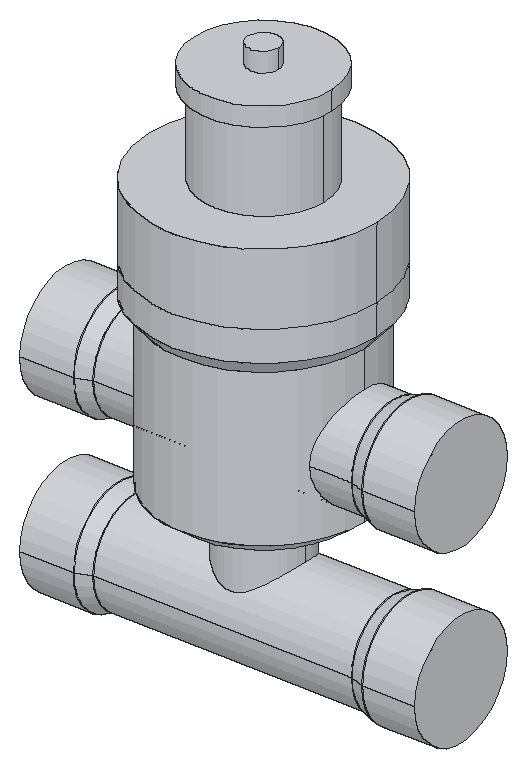
Revit family "VTX10P_DN15_PN16_RFA_2018", category Pipe Accessories, Revit 2018
Family settings
  Round Connector Dimension = Use Diameter
  Part Type = Valve - Breaks Into
  Work Plane-Based = No
  Always vertical = Yes
  Cut with Voids When Loaded = No
  Shared = No
Parameters (values of type "VTX10P G1/2  PN16 kvs0,4")
  magiProductId = ""
  magiProductFamilyId = ""
  magiPartTypeId = 306
  isMeasuringValve [instance] = no
  ang2D [instance] = 0.00°
  Z8 = 4 mm
  Z7__ve = -Z7  # -2.5 mm
  Z7 = 2.5 mm
  Z5 = 9.45 mm
  Z3 = 2 mm
  Z2 = 8.05 mm
  X4__ve = -X4  # -7 mm
  X4 = 7 mm
  X3 = 34 mm
  W2D = 15 mm
  VersionID = ""
  Use Minimum Symbol Size [instance] = yes
  URL = "www.hydronix.cz"
  Type Comments = "Závitový, vnější závit, ploché těsnění; LIN charakteristika; PN16; +5~+95°C; max.rychlost proudění 3,0 m/s"
  R9 = 9 mm
  R8 = 2 mm
  R7 = 15 mm
  R6 = 10.64 mm
  R5 = 6.703 mm
  R4 = 5.586 mm
  R2 = 13.3 mm
  R10 = 8 mm
  R1 = 6.75 mm
  QmdConnectorList = "301;D;302;D"
  Productdata [instance] = ""
  Manufacturer = "Hydronix"
  MC2 = yes
  MC Product Code = "VTX10P (G1/2\"; dpmax=250kPa; kvs 0,4)"
  MC = no
  LT2 = 19 mm
  L2D_Min = 3048 mm
  L2D = 38 mm
  H1 = 20.5 mm
  H = 27 mm
  E = 16 mm
  Description = "3 cestný regulační ventil malých spotřebičů s obtokem, DN15; zdvih 2,5mm; max dp 250kPa; kvs0,4"
  DT2 = 7.5 mm
  D = 15 mm
  CAT0 = yes
  C = 23 mm
Types (8, lengths in mm): name | Z5 | Z2 | X3 | R6 | R5 | R4 | R2 | R1 | MC Product Code | LT2 | H1 | H | Description | DT2 | D | C
  VTX09P G1/2  PN16 kvs0,25 | 9.45 | 8.05 | 34 | 10.64 | 6.703 | 5.586 | 13.3 | 6.75 | "VTX09P (G1/2\"; dpmax=250kPa; kvs 0,25)" | 19 | 20.5 | 27 | "3 cestný regulační ventil malých spotřebičů s obtokem, DN15; zdvih 2,5mm; max dp 250kPa; kvs0,25" | 7.5 | 15 | 23
  VTX10P G1/2  PN16 kvs0,4 | 9.45 | 8.05 | 34 | 10.64 | 6.703 | 5.586 | 13.3 | 6.75 | "VTX10P (G1/2\"; dpmax=250kPa; kvs 0,4)" | 19 | 20.5 | 27 | "3 cestný regulační ventil malých spotřebičů s obtokem, DN15; zdvih 2,5mm; max dp 250kPa; kvs0,4" | 7.5 | 15 | 23
  VTX12P G1/2  PN16 kvs1,0 | 9.45 | 8.05 | 34 | 10.64 | 6.703 | 5.586 | 13.3 | 6.75 | "VTX12P (G1/2\"; dpmax=250kPa; kvs 1,0)" | 19 | 20.5 | 27 | "3 cestný regulační ventil malých spotřebičů s obtokem, DN15; zdvih 2,5mm; max dp 250kPa; kvs1,0" | 7.5 | 15 | 23
  VTX13P G1/2  PN16 kvs1,6 | 9.45 | 8.05 | 34 | 10.64 | 6.703 | 5.586 | 13.3 | 6.75 | "VTX13P (G1/2\"; dpmax=250kPa; kvs 1,6)" | 19 | 20.5 | 27 | "3 cestný regulační ventil malých spotřebičů s obtokem, DN15; zdvih 2,5mm; max dp 250kPa; kvs1,6" | 7.5 | 15 | 23
  VTX21P G3/4  PN16 kvs2,5 | 9.1 | 17.5 | 38 | 11.76 | 7.409 | 6.174 | 14.7 | 9 | "VTX21P (G3/4\"; dpmax=150kPa; kvs 2,5)" | 21 | 37.4 | 26 | "3 cestný regulační ventil malých spotřebičů s obtokem, DN20; zdvih 2,5mm; max dp 150kPa; kvs2,5" | 10 | 20 | 50
  VTX24P G3/4  PN16 kvs4,0 | 9.1 | 17.5 | 38 | 11.76 | 7.409 | 6.174 | 14.7 | 9 | "VTX24P (G3/4\"; dpmax A-AB=100kPa;  dpmax B-AB=40kPa;  kvs 4,0)" | 21 | 37.4 | 26 | "3 cestný regulační ventil malých spotřebičů s obtokem, DN20; zdvih 2,5mm; max dp A-AB 100kPa; max dp B-AB 40kPa; kvs4,0" | 10 | 20 | 50
  VTX26P G3/4  PN16 kvs6,0 | 9.1 | 17.5 | 38 | 11.76 | 7.409 | 6.174 | 14.7 | 9 | "VTX26P (G3/4\"; dpmax A-AB=100kPa;  dpmax B-AB=40kPa; kvs 6,0)" | 21 | 37.4 | 26 | "3 cestný regulační ventil malých spotřebičů s obtokem, DN20; zdvih 2,5mm; max dp A-AB 100kPa; max dp B-AB 40kPa; kvs6,0" | 10 | 20 | 50
  VTX11P G1/2  PN16 kvs0,6 | 9.45 | 8.05 | 34 | 10.64 | 6.703 | 5.586 | 13.3 | 6.75 | "VTX11P (G1/2\"; dpmax=250kPa; kvs 0,6)" | 19 | 20.5 | 27 | "3 cestný regulační ventil malých spotřebičů s obtokem, DN15; zdvih 2,5mm; max dp 250kPa; kvs0,6" | 7.5 | 15 | 23
Reference planes
  plane 1 "Center (Front/Back)": y = 0
  plane 2 "XYPLANE": z = 0
  plane 3 "Center (Left/Right)": x = 0
  plane 4 "271": z = 38
  plane 5 "254": z = 11.55
  plane 6 "253": z = 17.55
  plane 7 "148": z = 40.5
  plane 8 "132": z = 43
  plane 9 "62": z = 13.55
  plane 10 "53": z = 27
  plane 11 "52": z = -8.95
  plane 12 "48": z = -10.95
  plane 13 "47": z = -12.95
  plane 14 "38": z = -21
  plane 15 "37": x = 17
  plane 16 "36": x = 19
  plane 17 "23": z = -23
  plane 18 "19": x = -17
  plane 19 "15": x = -19
  plane 20 "6": x = 26
  plane 21 "5": x = -26
  plane 22 "3": z = 0
  plane 23 "2": y = 0
  plane 24 "1": x = 0
Forms (mm)
  Extrusion 1, solid
    sketch origin (-17, -750, 0) x (0, 1, 0) y (0, 0, 1)
      loop
        circle (750, -23) r 6.75
    from 0 to 34 <- "X3"
  Blend 2, solid
    base sketch origin (19, -750, 0) x (0, 1, 0) y (0, 0, 1)
      loop
        circle (750, -23) r 7.5
    top sketch origin (19, -750, 0) x (0, 1, 0) y (0, 0, 1)
      loop
        circle (750, -23) r 6.75
    from 0 to -2
  Extrusion 3, solid
    sketch origin (26, -750, 0) x (0, 1, 0) y (0, 0, 1)
      loop
        circle (750, -23) r 7.5
    from 0 to -7 <- "X4__ve"
  Extrusion 4, solid
    sketch origin (-26, -750, 0) x (0, 1, 0) y (0, 0, 1)
      loop
        circle (750, -23) r 7.5
    from 0 to 7 <- "X4"
  Blend 5, solid
    base sketch origin (-19, -750, 0) x (0, 1, 0) y (0, 0, 1)
      loop
        circle (750, -23) r 7.5
    top sketch origin (-19, -750, 0) x (0, 1, 0) y (0, 0, 1)
      loop
        circle (750, -23) r 6.75
    from 0 to 2
  Extrusion 6, solid, visible <- "CAT0"
    sketch origin (-750, 0, 43) x (1, 0, 0) y (0, 1, 0)
      loop
        circle (750, 0) r 2
    from 0 to -2.5 <- "Z7__ve"
  Extrusion 7, solid, visible <- "CAT0"
    sketch origin (-750, 0, 38) x (1, 0, 0) y (0, 1, 0)
      loop
        circle (750, 0) r 8
    from 0 to -19
  Extrusion 8, solid, visible <- "CAT0"
    sketch origin (-17, -750, 0) x (0, 1, 0) y (0, 0, 1)
      loop
        circle (750, 0) r 6.75
    from 0 to 34 <- "X3"
  Extrusion 9, solid
    sketch origin (-750, 0, 13.55) x (1, 0, 0) y (0, 1, 0)
      loop
        circle (750, 0) r 15
    from 0 to 4 <- "Z8"
  Extrusion 10, solid
    sketch origin (-750, 0, 40.5) x (1, 0, 0) y (0, 1, 0)
      loop
        circle (750, 0) r 9
    from 0 to -2.5 <- "Z7__ve"
  Extrusion 11, solid
    sketch origin (-750, 0, 17.55) x (1, 0, 0) y (0, 1, 0)
      loop
        circle (750, 0) r 15
    from 0 to 9.45 <- "Z5"
  Blend 12, solid
    base sketch origin (-750, 0, 11.55) x (1, 0, 0) y (0, 1, 0)
      loop
        circle (750, 0) r 13.3
    top sketch origin (-750, 0, 11.55) x (1, 0, 0) y (0, 1, 0)
      loop
        circle (750, 0) r 15
    from 0 to 2
  Blend 13, solid
    base sketch origin (-750, 0, -8.95) x (1, 0, 0) y (0, 1, 0)
      loop
        circle (750, 0) r 13.3
    top sketch origin (-750, 0, -8.95) x (1, 0, 0) y (0, 1, 0)
      loop
        circle (750, 0) r 10.64
    from 0 to -2
  Blend 14, solid
    base sketch origin (-750, 0, -10.95) x (1, 0, 0) y (0, 1, 0)
      loop
        circle (750, 0) r 6.703
    top sketch origin (-750, 0, -10.95) x (1, 0, 0) y (0, 1, 0)
      loop
        circle (750, 0) r 5.586
    from 0 to -2
  Extrusion 15, solid
    sketch origin (-750, 0, -21) x (1, 0, 0) y (0, 1, 0)
      loop
        circle (750, 0) r 5.586
    from 0 to 8.05 <- "Z2"
  Extrusion 16, solid
    sketch origin (26, -750, 0) x (0, 1, 0) y (0, 0, 1)
      loop
        circle (750, 0) r 7.5
    from 0 to -7 <- "X4__ve"
  Blend 17, solid
    base sketch origin (19, -750, 0) x (0, 1, 0) y (0, 0, 1)
      loop
        circle (750, 0) r 7.5
    top sketch origin (19, -750, 0) x (0, 1, 0) y (0, 0, 1)
      loop
        circle (750, 0) r 6.75
    from 0 to -2
  Extrusion 18, solid
    sketch origin (-750, 0, -8.95) x (1, 0, 0) y (0, 1, 0)
      loop
        circle (750, 0) r 13.3
    from 0 to 20.5 <- "H1"
  Blend 19, solid
    base sketch origin (-19, -750, 0) x (0, 1, 0) y (0, 0, 1)
      loop
        circle (750, 0) r 7.5
    top sketch origin (-19, -750, 0) x (0, 1, 0) y (0, 0, 1)
      loop
        circle (750, 0) r 6.75
    from 0 to 2
  Extrusion 20, solid
    sketch origin (-26, -750, 0) x (0, 1, 0) y (0, 0, 1)
      loop
        circle (750, 0) r 7.5
    from 0 to 7 <- "X4"
  Extrusion 21, solid, not visible
    sketch origin (19, -750, 0) x (0, 1, 0) y (0, 0, 1)
      loop
        circle (750, 0) r 10
    from 0 to -10
  Extrusion 22, solid, not visible
    sketch origin (-19, -750, 0) x (0, 1, 0) y (0, 0, 1)
      loop
        circle (750, 0) r 10
    from 0 to 10
Lines and regions (mm)
  reference lines, not visible
    curve 1: circle (2, 2, 0) r 1 normal (0, 0, 1)
Dimensions and locks
  plane 1 "Center (Front/Back)" to curve 1 = 2 mm
  "Z7": plane 7 "148" to plane 4 "271"
  "Z3": plane 9 "62" to plane 5 "254"
  "Z5": plane 10 "53" to plane 6 "253"
  "Z7": plane 8 "132" to plane 7 "148"
  "E": plane 10 "53" to plane 8 "132"
  "Z8": plane 6 "253" to plane 9 "62"
  "H": plane 2 "XYPLANE" to plane 10 "53"
  "Z3": plane 12 "48" to plane 11 "52"
  "Z3": plane 13 "47" to plane 12 "48"
  "Z2": plane 14 "38" to plane 13 "47"
  "Z3": plane 17 "23" to plane 14 "38"
  locked: plane 16 "36" to plane 15 "37" at 2
  "LT2": plane 3 "Center (Left/Right)" to plane 16 "36"
  "C": plane 2 "XYPLANE" to plane 17 "23"
  locked: plane 19 "15" to plane 18 "19" at 2
  "LT2": plane 3 "Center (Left/Right)" to plane 19 "15"
  "X4": plane 16 "36" to plane 20 "6"
  "X4": plane 19 "15" to plane 21 "5"
  locked: plane 2 "XYPLANE" to plane 22 "3"
  locked: plane 1 "Center (Front/Back)" to plane 23 "2"
  locked: plane 3 "Center (Left/Right)" to plane 24 "1"
  "R1": radius of Extrusion 1 sketch curve
  "R1": radius of Blend 2 sketch curve
  "DT2": radius of Blend 2 sketch curve
  "DT2": radius of Extrusion 3 sketch curve
  "DT2": radius of Extrusion 4 sketch curve
  "R1": radius of Blend 5 sketch curve
  "DT2": radius of Blend 5 sketch curve
  "R8": radius of Extrusion 6 sketch curve
  "R10": radius of Extrusion 7 sketch curve
  "R1": radius of Extrusion 8 sketch curve
  "R7": radius of Extrusion 9 sketch curve
  "R9": radius of Extrusion 10 sketch curve
  "R7": radius of Extrusion 11 sketch curve
  "R7": radius of Blend 12 sketch curve
  "R2": radius of Blend 12 sketch curve
  "R6": radius of Blend 13 sketch curve
  "R2": radius of Blend 13 sketch curve
  "R4": radius of Blend 14 sketch curve
  "R5": radius of Blend 14 sketch curve
  "R4": radius of Extrusion 15 sketch curve
  "DT2": radius of Extrusion 16 sketch curve
  "R1": radius of Blend 17 sketch curve
  "DT2": radius of Blend 17 sketch curve
  "R2": radius of Extrusion 18 sketch curve
  "R1": radius of Blend 19 sketch curve
  "DT2": radius of Blend 19 sketch curve
  "DT2": radius of Extrusion 20 sketch curve
  aligned and locked: level to plane 2 "XYPLANE"
  aligned and locked: plane 17 "23" to Extrusion 1 sketch curve
  aligned and locked: Extrusion 1 sketch curve to plane 23 "2"
  aligned and locked: plane 17 "23" to Blend 2 sketch curve  (x2)
  aligned and locked: Blend 2 sketch curve to plane 23 "2"  (x2)
  aligned and locked: Blend 2 to plane 15 "37"
  aligned and locked: plane 17 "23" to Extrusion 3 sketch curve
  aligned and locked: Extrusion 3 sketch curve to plane 23 "2"
  aligned and locked: plane 17 "23" to Extrusion 4 sketch curve
  aligned and locked: Extrusion 4 sketch curve to plane 23 "2"
  aligned and locked: plane 17 "23" to Blend 5 sketch curve  (x2)
  aligned and locked: Blend 5 sketch curve to plane 23 "2"  (x2)
  aligned and locked: plane 18 "19" to Blend 5
  aligned and locked: plane 23 "2" to Extrusion 6 sketch curve
  aligned and locked: plane 24 "1" to Extrusion 6 sketch curve
  aligned and locked: plane 23 "2" to Extrusion 7 sketch curve
  aligned and locked: plane 24 "1" to Extrusion 7 sketch curve
  aligned and locked: plane 22 "3" to Extrusion 8 sketch curve
  aligned and locked: Extrusion 8 sketch curve to plane 23 "2"
  aligned and locked: plane 23 "2" to Extrusion 9 sketch curve
  aligned and locked: plane 24 "1" to Extrusion 9 sketch curve
  aligned and locked: plane 23 "2" to Extrusion 10 sketch curve
  aligned and locked: plane 24 "1" to Extrusion 10 sketch curve
  aligned and locked: plane 23 "2" to Extrusion 11 sketch curve
  aligned and locked: plane 24 "1" to Extrusion 11 sketch curve
  aligned and locked: plane 23 "2" to Blend 12 sketch curve  (x2)
  aligned and locked: plane 24 "1" to Blend 12 sketch curve  (x2)
  aligned and locked: plane 9 "62" to Blend 12
  aligned and locked: plane 23 "2" to Blend 13 sketch curve  (x2)
  aligned and locked: plane 24 "1" to Blend 13 sketch curve  (x2)
  aligned and locked: Blend 13 to plane 12 "48"
  aligned and locked: plane 23 "2" to Blend 14 sketch curve  (x2)
  aligned and locked: plane 24 "1" to Blend 14 sketch curve  (x2)
  aligned and locked: Blend 14 to plane 13 "47"
  aligned and locked: plane 23 "2" to Extrusion 15 sketch curve
  aligned and locked: plane 24 "1" to Extrusion 15 sketch curve
  aligned and locked: plane 22 "3" to Extrusion 16 sketch curve
  aligned and locked: Extrusion 16 sketch curve to plane 23 "2"
  aligned and locked: plane 22 "3" to Blend 17 sketch curve  (x2)
  aligned and locked: Blend 17 sketch curve to plane 23 "2"  (x2)
  aligned and locked: Blend 17 to plane 15 "37"
  aligned and locked: plane 23 "2" to Extrusion 18 sketch curve
  aligned and locked: plane 24 "1" to Extrusion 18 sketch curve
  aligned and locked: plane 22 "3" to Blend 19 sketch curve  (x2)
  aligned and locked: Blend 19 sketch curve to plane 23 "2"  (x2)
  aligned and locked: plane 18 "19" to Blend 19
  aligned and locked: plane 22 "3" to Extrusion 20 sketch curve
  aligned and locked: Extrusion 20 sketch curve to plane 23 "2"
  aligned and locked: plane 22 "3" to Extrusion 21 sketch curve
  aligned and locked: Extrusion 21 sketch curve to plane 23 "2"
  aligned and locked: plane 22 "3" to Extrusion 22 sketch curve
  aligned and locked: Extrusion 22 sketch curve to plane 23 "2"
Automatic sketch dimensions
  plane 1 "Center (Front/Back)" to Extrusion 21 sketch curve = 10 mm
  plane 1 "Center (Front/Back)" to Extrusion 22 sketch curve = 10 mm
  plane 3 "Center (Left/Right)" to curve 1 = 2 mm
  radius of curve 1 = 1 mm
Connectors
  piping at (-19, 0, 0), diameter 15, driven by "D"
    settings: on Extrusion 22, index 1, connector inside diameter 609.6 mm, connector length 0 mm, flow factor 0, pipe flow 0.0 L/s, pressure drop 0.0 Pa, fitting loss kfactor 0, connector angle 0.00°, fixture units 0, engagement length 0 mm, angle of deflection 0.00°, flow configuration 0, flow direction 0, fitting loss method 0, system type 29, joint type 0, gender type 0, connector reference index 2, connector utility 0, adjustable connector no, is connector primary yes, connector description ""
  piping at (19, 0, 0), diameter 15, driven by "D"
    settings: on Extrusion 21, index 2, connector inside diameter 609.6 mm, connector length 0 mm, flow factor 0, pipe flow 0.0 L/s, pressure drop 0.0 Pa, fitting loss kfactor 0, connector angle 0.00°, fixture units 0, engagement length 0 mm, angle of deflection 0.00°, flow configuration 0, flow direction 0, fitting loss method 0, system type 29, joint type 0, gender type 0, connector reference index 1, connector utility 0, adjustable connector no, is connector primary no, connector description ""
